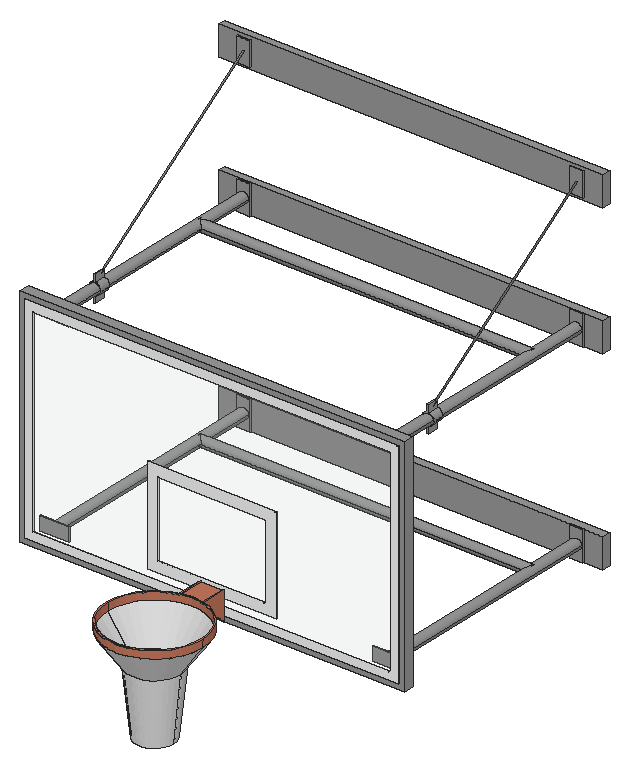
Revit family "Basketball-Structure_Wall-Mount_Stationary_PKGxxSTRG", category Generic Models, Revit 2025
Family settings
  Can host rebar = No
  Round Connector Dimension = Use Diameter
  Part Type = Normal
  OmniClass Number = 23.40.50.34.14
  OmniClass Title = Gymnasium Equipment
  Work Plane-Based = No
  Always vertical = Yes
  Cut with Voids When Loaded = No
  Maintain Annotation Orientation = No
  Shared = No
  Room Calculation Point = No
Parameters (values of type "PKG46STRG")
  Width = 6' - 0"
  Wall Plate Material = Wood
  URL = "https://ipibybison.com/"
  Test Data = "http://www.ipibybison.com/ToolBox.php"
  Suspension Type = "Telescoping"
  Support Tubing Material = Steel - Tubular Support
  Support Tubing Diameter = 0' - 1.9"
  Specification = "https://www.arcat.com/arcatcos/cos49/arc49571.html"
  Sales Information = "http://www.ipibybison.com/DealersPage.php"
  Revision = "R1_2018-09"
  Product Data = "http://www.arcat.com/arcatcos/cos38/arc38554.html"
  PKG82STRG Extension Range = "96\" to 144\""
  PKG68STRG Extension Range = "72\" to 96\""
  PKG46STRG Extension Range = "48\" to 72\""
  Netting = Finish - IPI by Bison - White Netting
  Mounting Height [instance] = 8' - 0"
  Model = "As Specified"
  Manufacturer Website = "http://www.ipibybison.com/"
  Manufacturer Phone - Toll Free = "888-438-5311"
  Manufacturer Phone = "888-438-5311"
  Manufacturer Fax = "888-438-5312"
  Manufacturer Address = "603 L St.   Lincoln, NE 68508"
  Manufacturer = "IPI by bison"
  Keynote = "11 66 00"
  Installation-Fabrication = "http://www.ipibybison.com/InstallersPage.php"
  Hoop Finish = Powder Coat - Playground Orange
  Green Building-LEED = "https://www.arcat.com/green/green_building.shtml"
  Extension Depth = 4' - 0"
  Drawn By = "Sumex Design, Inc. / Robert S. Weygant, CSI, CDT, SCIP"
  Description = "IPI by Bison Gymnasium Equipment"
  Default Elevation = 0' - 0"
  Copyright = "©Arcat Inc."
  Construction Details = "https://www.arcat.com/downloads/38554-brpbis/bim/bison/BRP%20by%20bison"
  Category = ""
  Building Codes = "https://www.brpbybison.com/submittals.html"
  Backboard Material = Fiberglass - Backboard
  Backboard Height = 3' - 6"
  Backboard Frame Material = Steel - Tubular Support
Types (3): name | Manufacturer | Extension Depth
  PKG68STRG | "IPI by bison" | 6' - 0"
  PKG82STRG | "BRP by bison" | 8' - 0"
  PKG46STRG | "IPI by bison" | 4' - 0"
Reference planes (in)
  plane 1 "Back": y = 0
  plane 2 "Floor": z = 0
  plane 3 "Center (Left/Right)": x = 0
  plane 4 "Front": y = -48
  plane 5: y = -46
  plane 6 "Left": x = -36
  plane 7 "Right": x = 36
  plane 8 "Chain Alignment": x = -31.188
  plane 9 "Backboard Bottom": z = 96
  plane 10 "Chain Alignment 2": x = 31.188
  plane 11 "Top": z = 138
  plane 12: z = 135.091
  plane 13: z = 98.909
  plane 14: y = -1.5
  plane 15: y = -1.75
  plane 16: y = -45.75
  plane 17: z = 137.841
  plane 18: z = 132.341
  plane 19: z = 96.159
  plane 20: z = 101.659
  plane 21: x = -32.438
  plane 22: x = -29.938
  plane 23: x = 32.438
  plane 24: x = 29.938
  plane 25: z = 101.25
  plane 26: y = -48.0625
  plane 27: y = -12
  plane 28: z = 156.841
  plane 29 "Top Plate": z = 162.341
  plane 30: y = -34.5
  plane 31: y = -36.5
  plane 32: y = -35.5
  plane 33: z = 159.591
  plane 34: z = 136.841
Forms (in)
  Extrusion 1, solid, material "Steel - Tubular Support" <- "Support Tubing Material"
    sketch origin (0, 0, 0) x (1, 0, 0) y (0, 0, 1)
      loop
        circle (-31.188, 98.909) r 0.95
      loop
        circle (-31.188, 135.091) r 0.95
      loop
        circle (31.188, 98.909) r 0.95
      loop
        circle (31.188, 135.091) r 0.95
    from 1.75 to 45.75
  Extrusion 2, solid, material "Wood" <- "Wall Plate Material"
    sketch origin (0, 0, 0) x (0, 1, 0) y (0, 0, 1)
      loop
        line (0, 137.841) -> (-1.5, 137.841) -> (-1.5, 132.341) -> (0, 132.341) -> (0, 137.841)
      loop
        line (0, 101.659) -> (-1.5, 101.659) -> (-1.5, 96.159) -> (0, 96.159) -> (0, 101.659)
      loop
        line (0, 162.341) -> (-1.5, 162.341) -> (-1.5, 156.841) -> (0, 156.841) -> (0, 162.341)
    from -36 to 36
  Extrusion 3, solid, material "Steel - Tubular Support" <- "Support Tubing Material"
    sketch origin (0, 0, 0) x (1, 0, 0) y (0, 0, 1)
      loop
        line (-32.438, 137.841) -> (-32.438, 132.341) -> (-29.938, 132.341) -> (-29.938, 137.841) -> (-32.438, 137.841)
      loop
        line (29.938, 137.841) -> (29.938, 132.341) -> (32.438, 132.341) -> (32.438, 137.841) -> (29.938, 137.841)
      loop
        line (-32.438, 101.659) -> (-32.438, 96.159) -> (-29.938, 96.159) -> (-29.938, 101.659) -> (-32.438, 101.659)
      loop
        line (29.938, 101.659) -> (29.938, 96.159) -> (32.438, 96.159) -> (32.438, 101.659) -> (29.938, 101.659)
      loop
        line (-32.438, 161.841) -> (-32.438, 157.341) -> (-29.938, 157.341) -> (-29.938, 161.841) -> (-32.438, 161.841)
      loop
        line (32.438, 161.841) -> (29.938, 161.841) -> (29.938, 157.341) -> (32.438, 157.341) -> (32.438, 161.841)
    from 1.5 to 1.75
  Extrusion 4, solid, material "Steel - Tubular Support" <- "Support Tubing Material"
    sketch origin (0, 0, 0) x (1, 0, 0) y (0, 0, 1)
      loop
        line (-33.938, 133.841) -> (-28.438, 133.841) -> (-28.438, 136.341) -> (-33.938, 136.341) -> (-33.938, 133.841)
      loop
        line (33.938, 133.841) -> (33.938, 136.341) -> (28.438, 136.341) -> (28.438, 133.841) -> (33.938, 133.841)
      loop
        line (-33.938, 97.659) -> (-28.438, 97.659) -> (-28.438, 100.159) -> (-33.938, 100.159) -> (-33.938, 97.659)
      loop
        line (33.938, 97.659) -> (33.938, 100.159) -> (28.438, 100.159) -> (28.438, 97.659) -> (33.938, 97.659)
    from 45.75 to 46
  Extrusion 5, solid, material "Steel - Tubular Support" <- "Backboard Frame Material"
    sketch origin (0, 0, 0) x (1, 0, 0) y (0, 0, 1)
      loop
        line (-36, 138) -> (-36, 96) -> (36, 96) -> (36, 138) -> (-36, 138)
      loop
        line (-35, 137) -> (-35, 97) -> (35, 97) -> (35, 137) -> (-35, 137)
    from 46 to 48
  Extrusion 6, solid, material "Powder Coat - White"
    sketch origin (0, 0, 0) x (1, 0, 0) y (0, 0, 1)
      loop
        line (-35, 137) -> (-35, 97) -> (35, 97) -> (35, 137) -> (-35, 137)
      loop
        line (-33.5, 98.5) -> (33.5, 98.5) -> (33.5, 135.5) -> (-33.5, 135.5) -> (-33.5, 98.5)
      loop
        line (-12.061, 99.898) -> (12.061, 99.898) -> (12.061, 117.898) -> (-12.061, 117.898) -> (-12.061, 99.898)
      loop
        line (-10.061, 115.898) -> (-10.061, 101.898) -> (10.061, 101.898) -> (10.061, 115.898) -> (-10.061, 115.898)
    from 48 to 48.0625
  Extrusion 7, solid, material "Fiberglass - Backboard" <- "Backboard Material"
    sketch origin (0, 0, 0) x (1, 0, 0) y (0, 0, 1)
      loop
        line (-35, 137) -> (-35, 97) -> (35, 97) -> (35, 137) -> (-35, 137)
    from 46 to 48
  Extrusion 8, solid, material "Steel - Tubular Support" <- "Support Tubing Material"
    sketch origin (0, 0, 0) x (0, 1, 0) y (0, 0, 1)
      loop
        circle (-12, 135.091) r 0.95
      loop
        circle (-12, 98.909) r 0.95
    from -31.188 to 31.188
  Extrusion 9, solid, material "Steel - Tubular Support" <- "Support Tubing Material"
    sketch origin (0, 0, 0) x (1, 0, 0) y (0, 0, 1)
      loop
        circle (-31.188, 135.091) r 0.95
      loop
        arc (-31.313, 136.18535) -> (-32.28946, 135.091) -> (-31.313, 133.99665) r 1.10146
        line (-31.313, 133.99665) -> (-31.313, 132.657) -> (-31.063, 132.657) -> (-31.063, 133.99665)
        arc (-31.063, 133.99665) -> (-30.08654, 135.091) -> (-31.063, 136.18535) r 1.10146
        line (-31.063, 136.18535) -> (-31.063, 137.525) -> (-31.313, 137.525) -> (-31.313, 136.18535)
      loop
        circle (31.188, 135.091) r 0.95
      loop
        line (31.313, 136.18535) -> (31.313, 137.525) -> (31.063, 137.525) -> (31.063, 136.18535)
        arc (31.063, 136.18535) -> (30.08654, 135.091) -> (31.063, 133.99665) r 1.10146
        line (31.063, 133.99665) -> (31.063, 132.657) -> (31.313, 132.657) -> (31.313, 133.99665)
        arc (31.313, 133.99665) -> (32.28946, 135.091) -> (31.313, 136.18535) r 1.10146
    from 34.5 to 36.5
  Sweep 10, solid, material "Steel - Tubular Support" <- "Support Tubing Material"
    path origin (-31.188, 0, 0) x (0, 1, 0) y (0, 0, 1)
      loop
        line (-1.75, 159.591) -> (-35.5, 136.82634)
    profile origin (-31.188, -18.625, 148.20867) x (0, 0.559193, -0.829038) y (1, 0, 0)
      loop
        circle (0, 0) r 0.125
  Sweep 11, solid, material "Steel - Tubular Support" <- "Support Tubing Material"
    path origin (31.188, 0, 0) x (0, 1, 0) y (0, 0, 1)
      loop
        line (-1.75, 159.591) -> (-35.5, 136.82634)
    profile origin (31.188, -18.625, 148.20867) x (0, -0.559193, 0.829038) y (-1, 0, 0)
      loop
        circle (0, 0) r 0.125
Dimensions and locks (in)
  "Extension Depth": plane 1 "Back" to plane 4 "Front"
  locked: plane 5 to plane 4 "Front" at 2
  equal spacing: plane 6 "Left", plane 3 "Center (Left/Right)", plane 7 "Right"
  "Width": plane 6 "Left" to plane 7 "Right"
  "Mounting Height": plane 9 "Backboard Bottom" to level
  "Backboard Height": plane 11 "Top" to plane 9 "Backboard Bottom"
  plane 14 to plane 1 "Back" = 0' - 1 1/2"
  locked: plane 14 to plane 15 at 0.25
  locked: plane 16 to plane 5 at 0.25
  equal spacing: plane 17, plane 12, plane 18
  locked: plane 17 to plane 18 at 5.5
  equal spacing: plane 20, plane 13, plane 19
  locked: plane 20 to plane 19 at 5.5
  equal spacing: plane 22, plane 8 "Chain Alignment", plane 21
  locked: plane 22 to plane 21 at 2.5
  equal spacing: plane 24, plane 10 "Chain Alignment 2", plane 23
  locked: plane 24 to plane 23 at 2.5
  equal spacing: Extrusion 4 sketch curve, plane 8 "Chain Alignment", Extrusion 4 sketch curve  (x2)
  locked: Extrusion 4 sketch curve to Extrusion 4 sketch curve at 5.5  (x4)
  equal spacing: Extrusion 4 sketch curve, plane 12, Extrusion 4 sketch curve  (x2)
  locked: Extrusion 4 sketch curve to Extrusion 4 sketch curve at 2.5  (x4)
  equal spacing: Extrusion 4 sketch curve, plane 10 "Chain Alignment 2", Extrusion 4 sketch curve  (x2)
  equal spacing: Extrusion 4 sketch curve, plane 13, Extrusion 4 sketch curve  (x2)
  locked: plane 11 "Top" to Extrusion 5 sketch curve at 1
  locked: Extrusion 5 sketch curve to Extrusion 5 sketch curve at 1
  locked: Extrusion 5 sketch curve to plane 7 "Right" at 1
  locked: Extrusion 5 sketch curve to plane 6 "Left" at 1
  Extrusion 6 sketch curve to Extrusion 5 to plane 6 "Left" = 0' - 1 1/2" locked, 0' - 1" locked
  Extrusion 6 sketch curve to Extrusion 5 to plane 7 "Right" = 0' - 1 1/2" locked, 0' - 1" locked
  plane 11 "Top" to Extrusion 5 to Extrusion 6 sketch curve = 0' - 1" locked, 0' - 1 1/2" locked
  Extrusion 6 sketch curve to Extrusion 5 to plane 9 "Backboard Bottom" = 0' - 1 1/2" locked, 0' - 1" locked
  locked: plane 21 to plane 6 "Left" at 3.562
  locked: plane 23 to plane 7 "Right" at 3.562
  locked: Extrusion 6 to plane 6 "Left" at 1
  locked: Extrusion 6 to plane 7 "Right" at 1
  locked: Extrusion 6 to plane 9 "Backboard Bottom" at 1
  locked: plane 11 "Top" to Extrusion 6 at 1
  locked: plane 25 to plane 9 "Backboard Bottom" at 5.25
  locked: plane 4 "Front" to plane 26 at 0.0625
  equal spacing: Extrusion 6 sketch curve, plane 3 "Center (Left/Right)", Extrusion 6 sketch curve
  locked: Extrusion 6 sketch curve to Extrusion 6 sketch curve at 2  (x4)
  locked: Extrusion 6 sketch curve to Extrusion 6 sketch curve at 14
  locked: Extrusion 6 sketch curve to plane 9 "Backboard Bottom" at 3.898
  locked: plane 27 to plane 1 "Back" at 12
  locked: plane 29 "Top Plate" to Extrusion 3 sketch curve at 0.5  (x2)
  locked: Extrusion 3 sketch curve to plane 28 at 0.5  (x2)
  locked: Extrusion 9 sketch curve to plane 12 at 2.434  (x2)
  locked: plane 12 to Extrusion 9 sketch curve at 2.434  (x2)
  locked: plane 30 to plane 31 at 2
  equal spacing: plane 30, plane 32, plane 31
  equal spacing: plane 29 "Top Plate", plane 33, plane 28
  locked: plane 17 to plane 34 at 1
  locked: plane 30 to plane 26 at 13.5625
  locked: plane 29 "Top Plate" to plane 28 at 5.5
  locked: plane 29 "Top Plate" to plane 17 at 24.5
  locked: plane 19 to plane 9 "Backboard Bottom" at 0.159
  locked: plane 11 "Top" to plane 17 at 0.159
  "Support Tubing Diameter": diameter of Extrusion 1 sketch curve  (x4)
  "Support Tubing Diameter": diameter of Extrusion 8 sketch curve  (x2)
  aligned and locked: plane 2 "Floor" to level
  aligned and locked: plane 8 "Chain Alignment" to Extrusion 1 sketch curve  (x2)
  aligned and locked: plane 13 to Extrusion 1 sketch curve  (x2)
  aligned and locked: plane 12 to Extrusion 1 sketch curve  (x2)
  aligned and locked: plane 10 "Chain Alignment 2" to Extrusion 1 sketch curve  (x2)
  aligned and locked: Extrusion 1 to plane 16
  aligned and locked: plane 15 to Extrusion 1
  aligned and locked: Extrusion 2 sketch curve to plane 17
  aligned and locked: plane 14 to Extrusion 2 sketch curve  (x3)
  aligned and locked: plane 1 "Back" to Extrusion 2 sketch curve  (x3)
  aligned and locked: plane 18 to Extrusion 2 sketch curve
  aligned and locked: Extrusion 2 sketch curve to plane 20
  aligned and locked: plane 19 to Extrusion 2 sketch curve
  aligned and locked: Extrusion 2 to plane 6 "Left"
  aligned and locked: Extrusion 2 to plane 7 "Right"
  aligned and locked: plane 18 to Extrusion 3 sketch curve  (x2)
  aligned and locked: plane 21 to Extrusion 3 sketch curve  (x3)
  aligned and locked: plane 22 to Extrusion 3 sketch curve  (x3)
  aligned and locked: Extrusion 3 sketch curve to plane 17  (x2)
  aligned and locked: plane 23 to Extrusion 3 sketch curve  (x2)
  aligned and locked: plane 24 to Extrusion 3 sketch curve  (x2)
  aligned and locked: plane 19 to Extrusion 3 sketch curve  (x2)
  aligned and locked: Extrusion 3 sketch curve to plane 20  (x2)
  aligned and locked: plane 14 to Extrusion 3
  aligned and locked: Extrusion 3 to plane 15
  aligned and locked: Extrusion 4 to plane 5
  aligned and locked: plane 16 to Extrusion 4
  aligned and locked: plane 6 "Left" to Extrusion 5 sketch curve
  aligned and locked: Extrusion 5 sketch curve to plane 11 "Top"
  aligned and locked: plane 9 "Backboard Bottom" to Extrusion 5 sketch curve
  aligned and locked: plane 7 "Right" to Extrusion 5 sketch curve
  aligned and locked: plane 5 to Extrusion 5
  aligned and locked: Extrusion 5 to plane 4 "Front"
  aligned and locked: plane 5 to Extrusion 7
  aligned and locked: nested 1 to plane 3 "Center (Left/Right)"
  aligned and locked: plane 25 to nested 1
  aligned and locked: nested 1 to plane 4 "Front"
  aligned and locked: plane 4 "Front" to Extrusion 6
  aligned and locked: plane 26 to Extrusion 6
  aligned and locked: Extrusion 7 to plane 4 "Front"
  aligned and locked: plane 27 to Extrusion 8 sketch curve  (x2)
  aligned and locked: plane 12 to Extrusion 8 sketch curve
  aligned and locked: Extrusion 8 to plane 8 "Chain Alignment"
  aligned and locked: Extrusion 8 to plane 10 "Chain Alignment 2"
  aligned and locked: plane 13 to Extrusion 8 sketch curve
  aligned and locked: plane 28 to Extrusion 2 sketch curve
  aligned and locked: Extrusion 2 sketch curve to plane 29 "Top Plate"
  aligned and locked: Extrusion 3 sketch curve to plane 24
  aligned and locked: Extrusion 3 sketch curve to plane 23
  aligned and locked: plane 8 "Chain Alignment" to Extrusion 9 sketch curve
  aligned and locked: plane 12 to Extrusion 9 sketch curve  (x2)
  aligned and locked: plane 10 "Chain Alignment 2" to Extrusion 9 sketch curve
  aligned and locked: plane 30 to Extrusion 9
  aligned and locked: Extrusion 9 to plane 31
  aligned and locked: plane 33 to Sweep 10 sketch curve
  aligned and locked: plane 32 to Sweep 10 sketch curve
  aligned and locked: plane 15 to Sweep 10 sketch curve
  aligned and locked: plane 32 to Sweep 11 sketch curve
  aligned and locked: plane 15 to Sweep 11 sketch curve
Automatic sketch dimensions
  plane 34 to Extrusion 6 sketch curve = 0' - 0.159"
  plane 6 "Left" to Extrusion 6 sketch curve = 0' - 1"
  Extrusion 6 sketch curve to plane 3 "Center (Left/Right)" = 1' - 0.061"
  plane 7 "Right" to Extrusion 6 sketch curve = 0' - 1"
  plane 19 to Extrusion 6 sketch curve = 0' - 0.841"
  plane 6 "Left" to Extrusion 7 sketch curve = 0' - 1"
  plane 7 "Right" to Extrusion 7 sketch curve = 0' - 1"
  plane 19 to Extrusion 7 sketch curve = 0' - 0.841"
  plane 34 to Extrusion 7 sketch curve = 0' - 0.159"
  Extrusion 9 sketch curve to Extrusion 9 sketch curve = 0' - 0"  (x10)
  Extrusion 9 sketch curve to plane 8 "Chain Alignment" = 0' - 0 1/8"  (x2)
  plane 8 "Chain Alignment" to Extrusion 9 sketch curve = 0' - 0 1/8"  (x2)
  plane 10 "Chain Alignment 2" to Extrusion 9 sketch curve = 0' - 0 1/8"  (x2)
  Extrusion 9 sketch curve to plane 10 "Chain Alignment 2" = 0' - 0 1/8"  (x2)
  Extrusion 9 sketch curve to plane 12 = 0' - 1.09435"  (x2)
  Sweep 10 sketch curve to plane 34 = 0' - 0.01466"
  Sweep 10 sketch curve to plane 8 "Chain Alignment" = 0' - 0"
  Sweep 10 sketch curve to profile plane = 0' - 0"
  Sweep 11 sketch curve to profile plane = 0' - 0"  (x2)
  Sweep 11 sketch curve to plane 33 = 0' - 0"
  plane 34 to Sweep 11 sketch curve = 0' - 0.01466"
  radius of Extrusion 9 sketch curve = 0' - 0.95"  (x2)
  radius of Sweep 10 sketch curve = 0' - 0 1/8"
  radius of Sweep 11 sketch curve = 0' - 0 1/8"
Nested families (in)
  nested 1: "Playground-System_Heavy-Duty-4_1-2in_PR52_Basket" at (0, -48, 101.25), Netting <- "Netting", Frame <- "Hoop Finish", type "Playground-System_Heavy-Duty-4_1-2in_PR52_Basket"
    with Netting Finish - IPI by Bison - White Netting, Frame Powder Coat - Playground Orange
Definition of nested family "Playground-System_Heavy-Duty-4_1-2in_PR52_Basket"
  Parameters (values of type "Playground-System_Heavy-Duty-4_1-2in_PR52_Basket")
    Netting [instance] = none
    Frame [instance] = none
    Default Elevation = 0' - 0"
  Reference planes (in)
    plane 1 "Center (Front/Back)": y = 0
    plane 2: z = 0
    plane 3 "Center (Left/Right)": x = 0
    plane 4 "Net": y = -13.5
    plane 5: x = -2.25
    plane 6: x = 2.25
  Forms (in)
    Extrusion 1, solid, material <- "Frame"
      sketch origin (0, 0, 0) x (1, 0, 0) y (0, 1, 0)
        loop
          circle (0, -13.5) r 9
        loop
          circle (0, -13.5) r 8.75
      from -1.38229 to 0
    Extrusion 2, solid, material <- "Frame"
      sketch origin (0, 0, 0) x (0, 1, 0) y (0, 0, 1)
        loop
          line (0, 0) -> (-4.75, 0) -> (-4.75, -1.1813) -> (0, -5.25) -> (0, 0)
      from -2.25 to -2.06458
    Extrusion 3, solid, material <- "Frame"
      sketch origin (0, 0, 0) x (0, 1, 0) y (0, 0, -1)
        loop
          line (0, 0) -> (0, 5.25) -> (-4.75, 1.1813) -> (-4.75, 0) -> (0, 0)
      from -2.25 to -2.06458
    Extrusion 4, solid, material <- "Frame"
      sketch origin (0, 0, 0) x (0, 1, 0) y (0, 0, 1)
        loop
          line (-4.75, 0) -> (-4.75, -0.25) -> (-0.25, -0.25) -> (-0.25, -5.03586) -> (0, -5.25) -> (0, 0) -> (-4.75, 0)
      from -2.06458 to 2.06458
    Revolve 5, solid, material <- "Netting"
      sketch origin (0, -13.5, 0) x (-1, 0, 0) y (0, 0, 1)
        loop
          line (9, -1.38229) -> (8.8474, -1.38229) -> (4.72063, -7.27592) -> (3.4482, -19.38229) -> (3.57389, -19.38229) -> (4.84157, -7.32114) -> (9, -1.38229)
        axis (0, -1.38229) -> (0, -19.38229)
      angle from 0 to 360
  Dimensions and locks (in)
    locked: level to Extrusion 1 at 1.38229
    locked: plane 4 "Net" to plane 1 "Center (Front/Back)" at 13.5
    equal spacing: plane 6, plane 3 "Center (Left/Right)", plane 5
    locked: plane 6 to plane 5 at 4.5
    aligned and locked: plane 2 to level
    aligned and locked: level to Extrusion 1
  Automatic sketch dimensions
    Extrusion 1 sketch curve to Extrusion 1 sketch curve = 0' - 0"  (x2)
    Extrusion 1 sketch curve to plane 3 "Center (Left/Right)" = 0' - 0"
    Extrusion 1 sketch curve to plane 4 "Net" = 0' - 0"
    Revolve 5 sketch curve to plane 3 "Center (Left/Right)" = 0' - 0"
    Revolve 5 sketch curve to plane 5 = 0' - 1.1982"
    Revolve 5 sketch curve to Revolve 5 sketch curve = 0' - 0.12569"
    Revolve 5 sketch curve to plane 5 = 0' - 2.47063"
    Revolve 5 sketch curve to Revolve 5 sketch curve = 0' - 0.12094"
    Revolve 5 sketch curve to level = 0' - 1.38229"  (x2)
    Revolve 5 sketch curve to plane 5 = 0' - 6.5974"
    Revolve 5 sketch curve to Revolve 5 sketch curve = 0' - 0.1526"
    Revolve 5 sketch curve to Revolve 5 sketch curve = 0' - 0.04522"
    Revolve 5 sketch curve to Revolve 5 sketch curve = 1' - 0.06115"
    Revolve 5 sketch curve to Revolve 5 sketch curve = 0' - 1"
    Revolve 5 sketch curve to Revolve 5 sketch curve = 0' - 5.89364"
    Extrusion 2 sketch curve to level = 0' - 0"
    Extrusion 2 sketch curve to plane 1 "Center (Front/Back)" = 0' - 0"
    Extrusion 2 sketch curve to level = 0' - 1.1813"
    plane 1 "Center (Front/Back)" to Extrusion 2 sketch curve = 0' - 4 3/4"
    Extrusion 2 sketch curve to level = 0' - 5 1/4"
    Extrusion 3 sketch curve to level = 0' - 0"
    Extrusion 3 sketch curve to plane 1 "Center (Front/Back)" = 0' - 0"
    Extrusion 3 sketch curve to level = 0' - 1.1813"
    plane 1 "Center (Front/Back)" to Extrusion 3 sketch curve = 0' - 4 3/4"
    Extrusion 3 sketch curve to level = 0' - 5 1/4"
    Extrusion 4 sketch curve to level = 0' - 0"
    Extrusion 4 sketch curve to plane 1 "Center (Front/Back)" = 0' - 0"
    plane 1 "Center (Front/Back)" to Extrusion 4 sketch curve = 0' - 0 1/4"
    Extrusion 4 sketch curve to level = 0' - 0 1/4"
    Extrusion 4 sketch curve to Extrusion 4 sketch curve = 0' - 4 1/2"
    Extrusion 4 sketch curve to Extrusion 4 sketch curve = 0' - 4.78586"
    Extrusion 4 sketch curve to Extrusion 4 sketch curve = 0' - 0.21414"
    radius of Extrusion 1 sketch curve = 0' - 9"
    radius of Extrusion 1 sketch curve = 0' - 8 3/4"
